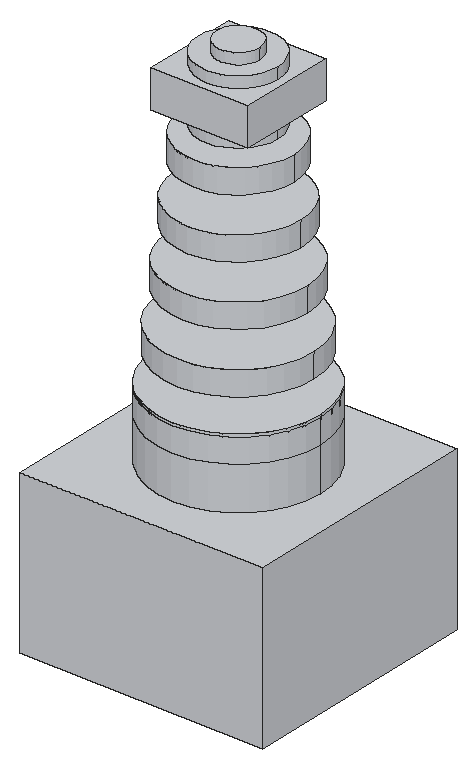
Revit family "GIS_Termination", category Equipamento elétrico, Revit 2027
Family settings
  Configuração do painel = Duas colunas, circuitos transversais
  Cota do conector redondo = Utilizar diâmetro
  Tipo de parte = Painel de controle
  Com base no plano de trabalho = Não
  Sempre na vertical = Sim
  Corte com vazios quando carregada = Não
  Manter orientação da anotação = Não
  Compartilhado = Não
  Ponto de cálculo do ambiente = Não
Parameters (values of type "GIS_TERMINATION_145KV_STUDY")
  Default Elevation = 0 mm
  built-in parameter 1140142 [instance] = (empty or 0)
  built-in parameter 1140140 [instance] = 1 (stored number, unit not read)
  BIM_TensaoSecundaria_kV = 0
  BIM_TensaoNominal_kV = 138
  BIM_TensaoClasse_kV = 145
  BIM_TensaoClasseSecundaria_kV = 0
  BIM_Sistema_Elemento [instance] = ""
  BIM_ReferenciaCatalogo = "Portfolio estimate; terminal type pending line/cable data"
  BIM_Profundidade = 900 mm
  BIM_Potencia_MVA = 0
  BIM_Localizacao [instance] = ""
  BIM_Largura = 900 mm
  BIM_Impedancia_pu = 0
  BIM_FonteGeometria = "Portfolio estimate; terminal type pending line/cable data"
  BIM_Fabricante = "NAO SELECIONADO"
  BIM_EstadoGeometria = "ESTIMATED"
  BIM_EstadoEspecificacao = "PREMISSA / NAO SELECIONADO"
  BIM_DescricaoEstudo = "Envelope de terminal de linha GIS, configuracao de conexao pendente."
  BIM_CorrenteReferenciaSecundaria_A = 0
  BIM_CorrenteNominal_A = 0
  BIM_Bay [instance] = ""
  BIM_AlturaCorpoPrincipal = 600 mm
  BIM_Altura = 2000 mm
  built-in parameter 1155100 [instance] = (empty or 0)
Reference planes
  plane 1 "Centro (Frente/Trás)": y = 0
  plane 2: z = 0
  plane 3 "Centro (Esquerda/Direita)": x = 0
  plane 4 "BIM Left": x = -450
  plane 5 "BIM Right": x = 450
  plane 6 "BIM Front": y = -450
  plane 7 "BIM Back": y = 450
Forms (mm)
  Extrusion 1, solid
    sketch origin (0, 0, 0) x (1, 0, 0) y (0, 1, 0)
      loop
        line (-450, -450) -> (450, -450) -> (450, 450) -> (-450, 450) -> (-450, -450)
    from 0 to 600 <- "BIM_AlturaCorpoPrincipal"
  Extrusion 2, solid
    sketch origin (0, 0, 200) x (1, 0, 0) y (0, 1, 0)
      loop
        line (-315, -315) -> (315, -315) -> (315, 315) -> (-315, 315) -> (-315, -315)
    from 0 to 280
  Extrusion 3, solid
    sketch origin (0, 0, 480) x (1, 0, 0) y (0, 1, 0)
      loop
        circle (0, 0) r 306
    from 0 to 380
  Extrusion 4, solid
    sketch origin (0, 0, 760) x (1, 0, 0) y (0, 1, 0)
      loop
        circle (0, 0) r 306
    from 0 to 90
  Extrusion 5, solid
    sketch origin (0, 0, 970) x (1, 0, 0) y (0, 1, 0)
      loop
        circle (0, 0) r 281.52
    from 0 to 90
  Extrusion 6, solid
    sketch origin (0, 0, 1180) x (1, 0, 0) y (0, 1, 0)
      loop
        circle (0, 0) r 257.04
    from 0 to 90
  Extrusion 7, solid
    sketch origin (0, 0, 1390) x (1, 0, 0) y (0, 1, 0)
      loop
        circle (0, 0) r 232.56
    from 0 to 90
  Extrusion 8, solid
    sketch origin (0, 0, 1600) x (1, 0, 0) y (0, 1, 0)
      loop
        circle (0, 0) r 208.08
    from 0 to 90
  Extrusion 9, solid
    sketch origin (0, 0, 1720) x (1, 0, 0) y (0, 1, 0)
      loop
        circle (0, 0) r 146.88
    from 0 to 240
  Extrusion 10, solid
    sketch origin (0, 0, 1960) x (1, 0, 0) y (0, 1, 0)
      loop
        circle (0, 0) r 79.56
    from 0 to 40
  Extrusion 11, solid
    sketch origin (0, 0, 1780) x (1, 0, 0) y (0, 1, 0)
      loop
        line (-180, -180) -> (180, -180) -> (180, 180) -> (-180, 180) -> (-180, -180)
    from 0 to 140
Dimensions and locks
  "BIM_Largura": plane 4 "BIM Left" to plane 5 "BIM Right"
  "BIM_Profundidade": plane 6 "BIM Front" to plane 7 "BIM Back"
  aligned and locked: level to plane 2
  aligned and locked: plane 4 "BIM Left" to Extrusion 1
  aligned and locked: Extrusion 1 to plane 5 "BIM Right"
  aligned and locked: Extrusion 1 to plane 6 "BIM Front"
  aligned and locked: plane 7 "BIM Back" to Extrusion 1
Automatic sketch dimensions
  Extrusion 1 sketch curve to plane 4 "BIM Left" = 0 mm
  Extrusion 1 sketch curve to plane 5 "BIM Right" = 0 mm
  Extrusion 1 sketch curve to plane 6 "BIM Front" = 0 mm
  Extrusion 1 sketch curve to plane 7 "BIM Back" = 0 mm
  Extrusion 2 sketch curve to plane 4 "BIM Left" = 135 mm
  plane 5 "BIM Right" to Extrusion 2 sketch curve = 135 mm
  plane 6 "BIM Front" to Extrusion 2 sketch curve = 135 mm
  Extrusion 2 sketch curve to plane 7 "BIM Back" = 135 mm
  Extrusion 3 sketch curve to Extrusion 3 sketch curve = 0 mm  (x2)
  plane 1 "Centro (Frente/Trás)" to Extrusion 3 sketch curve = 0 mm
  Extrusion 3 sketch curve to plane 3 "Centro (Esquerda/Direita)" = 0 mm
  Extrusion 3 sketch curve to plane 4 "BIM Left" = 144 mm
  Extrusion 4 sketch curve to Extrusion 4 sketch curve = 0 mm  (x2)
  plane 1 "Centro (Frente/Trás)" to Extrusion 4 sketch curve = 0 mm
  Extrusion 4 sketch curve to plane 3 "Centro (Esquerda/Direita)" = 0 mm
  Extrusion 4 sketch curve to plane 4 "BIM Left" = 144 mm
  Extrusion 5 sketch curve to Extrusion 5 sketch curve = 0 mm  (x2)
  plane 1 "Centro (Frente/Trás)" to Extrusion 5 sketch curve = 0 mm
  Extrusion 5 sketch curve to plane 3 "Centro (Esquerda/Direita)" = 0 mm
  Extrusion 5 sketch curve to plane 4 "BIM Left" = 168.48 mm
  Extrusion 6 sketch curve to Extrusion 6 sketch curve = 0 mm  (x2)
  plane 1 "Centro (Frente/Trás)" to Extrusion 6 sketch curve = 0 mm
  Extrusion 6 sketch curve to plane 3 "Centro (Esquerda/Direita)" = 0 mm
  Extrusion 6 sketch curve to plane 4 "BIM Left" = 192.96 mm
  Extrusion 7 sketch curve to Extrusion 7 sketch curve = 0 mm  (x2)
  plane 1 "Centro (Frente/Trás)" to Extrusion 7 sketch curve = 0 mm
  Extrusion 7 sketch curve to plane 3 "Centro (Esquerda/Direita)" = 0 mm
  Extrusion 7 sketch curve to plane 4 "BIM Left" = 217.44 mm
  Extrusion 8 sketch curve to Extrusion 8 sketch curve = 0 mm  (x2)
  plane 1 "Centro (Frente/Trás)" to Extrusion 8 sketch curve = 0 mm
  Extrusion 8 sketch curve to plane 3 "Centro (Esquerda/Direita)" = 0 mm
  Extrusion 8 sketch curve to plane 3 "Centro (Esquerda/Direita)" = 208.08 mm
  Extrusion 9 sketch curve to Extrusion 9 sketch curve = 0 mm  (x2)
  plane 1 "Centro (Frente/Trás)" to Extrusion 9 sketch curve = 0 mm
  Extrusion 9 sketch curve to plane 3 "Centro (Esquerda/Direita)" = 0 mm
  Extrusion 9 sketch curve to plane 3 "Centro (Esquerda/Direita)" = 146.88 mm
  Extrusion 10 sketch curve to Extrusion 10 sketch curve = 0 mm  (x2)
  plane 1 "Centro (Frente/Trás)" to Extrusion 10 sketch curve = 0 mm
  Extrusion 10 sketch curve to plane 3 "Centro (Esquerda/Direita)" = 0 mm
  Extrusion 10 sketch curve to plane 3 "Centro (Esquerda/Direita)" = 79.56 mm
  Extrusion 11 sketch curve to plane 3 "Centro (Esquerda/Direita)" = 180 mm
  plane 3 "Centro (Esquerda/Direita)" to Extrusion 11 sketch curve = 180 mm
  plane 1 "Centro (Frente/Trás)" to Extrusion 11 sketch curve = 180 mm
  Extrusion 11 sketch curve to plane 1 "Centro (Frente/Trás)" = 180 mm
